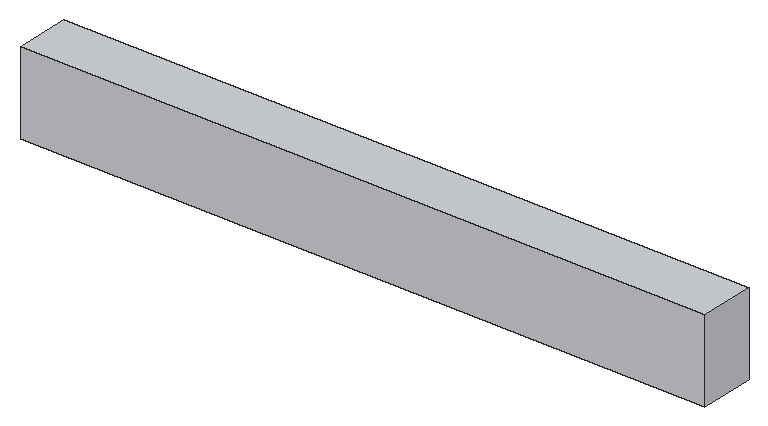
Revit family "STR_Steel Beam (simplified)", category Structural Framing, Revit 2025
Family settings
  Section Shape = Not Defined
  Material for Model Behavior = Other
  Always export as geometry = No
  OmniClass Number = 23.25.30.11.14.14
  OmniClass Title = Beams
  Always vertical = Yes
  Cut with Voids When Loaded = No
  Symbolic Representation = From Family
  Shared = No
  Show family pre-cut in plan views = Yes
Parameters (values of type "WF 450x200 (simplified)")
  Length [instance] = 3000 mm
Reference planes
  plane 1 "Center (Front/Back)": y = 0
  plane 2 "Center Elevation": z = 0
  plane 3 "Center (Left/Right)": x = 0
  plane 4 "Left": x = -1500
  plane 5 "Member Left": x = -1250
  plane 6 "Stick Symbol Left": x = -1000
  plane 7 "Right": x = 1500
  plane 8 "Member Right": x = 1250
  plane 9 "Stick Symbol Right": x = 1000
  plane 10: y = 100
  plane 11: y = -100
  plane 12: z = 150
  plane 13: z = -150
Forms (mm)
  Extrusion 1, solid, detail levels medium+fine
    sketch origin (0, 0, 0) x (0, 1, 0) y (0, 0, 1)
      loop
        line (100, 150) -> (-100, 150) -> (-100, -150) -> (100, -150) -> (100, 150)
    from -1250 to 1250
Lines and regions (mm)
  model lines, style "Stick Symbols", detail levels coarse
    curve 1: line (-1000, 0, 0) -> (1000, 0, 0)
Dimensions and locks
  equal spacing: plane 4 "Left", plane 3 "Center (Left/Right)", plane 7 "Right"
  "Length": plane 4 "Left" to plane 7 "Right"
  aligned and locked: plane 10 to Extrusion 1 sketch curve
  aligned and locked: plane 13 to Extrusion 1 sketch curve
  aligned and locked: Extrusion 1 sketch curve to plane 11
  aligned and locked: plane 5 "Member Left" to Extrusion 1
  aligned and locked: Extrusion 1 to plane 8 "Member Right"
  aligned and locked: plane 1 "Center (Front/Back)" to curve 1
  aligned and locked: plane 6 "Stick Symbol Left" to curve 1
  aligned and locked: plane 9 "Stick Symbol Right" to curve 1
  aligned and locked: level to plane 2 "Center Elevation"
Automatic sketch dimensions
  Extrusion 1 sketch curve to plane 12 = 0 mm
